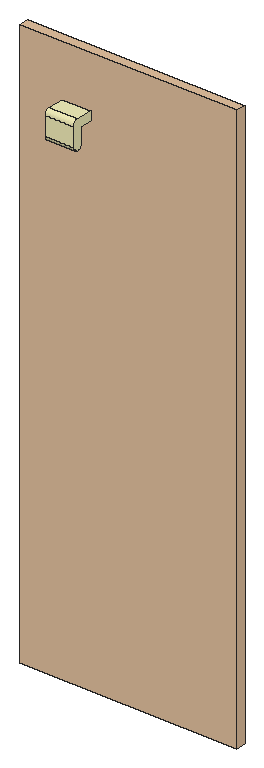
Revit family "Cabinet-Hardware_L-Shaped-Pull", category Casework, host Face, Revit 2026
Family settings
  Host = Face
  Classification Number = 23.40.35.11.11
  Cut with Voids When Loaded = No
  Shared = Yes
  Room Calculation Point = No
Parameters (values of type "Drawer-Pull")
  screw_location = Hole Spacing / 2  # 0' - 0"
  screw_offset = 0' - 0 1/2"
  Warranty Duration (Years) = 0
  Vertical Offset [instance] = 0' - 3"
  Type Comments = ""
  Test Data = ""
  Specification = "http://www.arcat.com/divs/sec/sec12300.shtml"
  Sales Information = ""
  Product Properties = "http://www.arcat.com/bim/bim_info.pl?fn=Cabinet-Hardware_L-Shaped-Pull"
  Product Data = "http://www.arcat.com/divs/sec/sec12300.shtml"
  Model = "Generic"  # constant formula
  Manufacturer Website = "http://www.arcat.com/"
  Manufacturer Phone - Toll Free = ""
  Manufacturer Phone = "(203) 929-9444"  # constant formula
  Manufacturer Fax = "(203) 929-2444"  # constant formula
  Manufacturer Email = "bim@arcat.com"  # constant formula
  Manufacturer Address = "1077 Bridgeport Ave, Shelton, CT  06484"  # constant formula
  Manufacturer = "Generic"  # constant formula
  Maintenance Schedule (Months) = 0
  Keynote = "12300"
  Installation-Fabrication = ""
  Installation Phase = ""
  Horizontal Offset [instance] = 0' - 3"
  Hole Spacing = if(Handle Width < 0' 2 1/2", 0' 0", (Handle Width - (screw_offset * 2)))  # 0' - 0"
  Hole Size = 0' - 0 3/16"
  Hardware Finish Accent = ARCAT - Metal - Bronze, Oil Rubbed
  Hardware Finish = ARCAT - Metal - Brass, Polished
  Handle Width = 0' - 1 1/2"
  Green Building-LEED = "http://www.arcat.com/green/green_building.shtml"
  Fastener Type = "#8 Phillips Pan Head Machine Screw - Length by door thickness"
  Fastener Material = ARCAT - Metal - Steel - ASTM A992
  Expected Lifespan (Years) = 0
  Drawn By = "Robert S. Weygant. CSI, CDT, SCIP"  # constant formula
  Door Slab Thickness = 0' - 0 1/2"
  Description = "Drawer / Door Pull -L-Shaped"
  Default Elevation = 4' - 0"
  Copyright = "2008, ARCAT, Inc"  # constant formula
  Construction Details = "http://www.arcat.com/divs/sec/sec12300.shtml"
  Building Codes = ""
  Assembly Code = "E2010200"
Types (3): name | screw_offset | Product Properties | Handle Width | Description
  (no name) | 0' - 0 1/2" | "http://www.arcat.com/bim/bim_info.pl?fn=Cabinet-Hardware_L-Shaped-Pull" | 0' - 1 1/2" | "Drawer / Door Pull -L-Shaped"
  Drawer-Pull | 0' - 0 1/2" | "http://www.arcat.com/bim/bim_info.pl?fn=Cabinet-Hardware_L-Shaped-Pull" | 0' - 1 1/2" | "Drawer / Door Pull -L-Shaped"
  Handle | 0' - 0" | "http://www.arcat.com/bim/bim_info.pl?fn=Cabinet-Hardware_Round-Pull" | 0' - 2" | "Drawer / Door Handle"
Reference planes (in)
  plane 1 "Center (Front/Back)": y = 0
  plane 2: z = 0
  plane 3 "Insertion Point V": x = -15.80762
  plane 4: y = 0.5
  plane 5 "Door Edge": x = -18.80762
  plane 6 "Insertion Point H": z = -3
  plane 7 "Door Top": z = 0
  plane 8: x = -12.80813
  plane 9: x = -18.80762
Forms (in)
  Extrusion 1, solid, material "ARCAT - Wood - Cherry"
    sketch origin (-3, -9, -6) x (0, 0, -1) y (1, 0, 0)
      loop
        line (24.25, -4.30683) -> (-6, -4.30683) -> (-6, -15.80762) -> (24.25, -15.80762) -> (24.25, -4.30683)
    from -9 to -9.5
  Extrusion 2, solid, material "ARCAT - Metal - Brass, Polished" <- "Hardware Finish"
    sketch origin (-17.80762, -0.625, -3.04217) x (0, 0, -1) y (1, 0, 0)
      loop
        line (-0.29217, 2.75) -> (-0.29217, 1.25) -> (1.20783, 1.25) -> (1.20783, 2.75) -> (-0.29217, 2.75)
    from 0 to 0.5
  Extrusion 3, solid, material "ARCAT - Metal - Brass, Polished" <- "Hardware Finish"
    sketch origin (-17.80762, 0, -2.54217) x (0, 0, -1) y (1, 0, 0)
      loop
        line (0.20783, 2.75) -> (0.20783, 1.25) -> (0.70783, 1.25) -> (0.70783, 2.75) -> (0.20783, 2.75)
    from 0 to 0.625
  Extrusion 4, solid, not visible
    sketch origin (-18.80762, -0.625, 14.95783) x (0, 0, -1) y (1, 0, 0)
      loop
        line (-1, 0.75) -> (-1, -0.75) -> (0.5, -0.75) -> (0.5, 0.75) -> (-1, 0.75)
    from 0 to 0.5
  Extrusion 5, solid, not visible
    sketch origin (-18.80762, 0, 15.45783) x (0, 0, -1) y (1, 0, 0)
      loop
        line (-0.5, 0.75) -> (-0.5, -0.75) -> (0, -0.75) -> (0, 0.75) -> (-0.5, 0.75)
    from 0 to 0.625
  Extrusion 6, void
    sketch origin (-15.80762, 0, 0) x (0, 1, 0) y (0, 0, 1)
      loop
        arc (-1.125, -3) -> (-1.05178, -2.82322) -> (-0.875, -2.75) r 0.25
        line (-0.875, -2.75) -> (-1.125, -2.75) -> (-1.125, -3)
    from -0.75 to 0.75
  Extrusion 7, void
    sketch origin (-15.80762, -3.875, -3.125) x (0, 0, 1) y (0, -1, 0)
      loop
        arc (-1.125, -3) -> (-1.05178, -2.82322) -> (-0.875, -2.75) r 0.25
        line (-0.875, -2.75) -> (-1.125, -2.75) -> (-1.125, -3)
    from -0.75 to 0.75
  Extrusion 8, void
    sketch origin (-15.80762, -1.75, -7) x (0, -1, 0) y (0, 0, -1)
      loop
        arc (-1.125, -3) -> (-1.05178, -2.82322) -> (-0.875, -2.75) r 0.25
        line (-0.875, -2.75) -> (-1.125, -2.75) -> (-1.125, -3)
    from -0.75 to 2
  Revolve 9, solid, material "ARCAT - Metal - Steel - ASTM A992" <- "Fastener Material"
    sketch origin (-15.80762, 0, 0) x (0, 1, 0) y (0, 0, 1)
      loop
        line (0.5, -2.93824) -> (0, -2.93824) -> (0, -3) -> (0.54496, -3)
        arc (0.54496, -3) -> (0.53259, -2.93456) -> (0.5, -2.87647) r 0.20623
        line (0.5, -2.87647) -> (0.5, -2.93824)
      axis (0.54496, -3) -> (0, -3)
    angle from 0 to 360
  Revolve 10, solid, material "ARCAT - Metal - Steel - ASTM A992" <- "Fastener Material"
    sketch origin (-15.80762, 0, 0) x (0, 1, 0) y (0, 0, 1)
      loop
        line (0.5, -2.93824) -> (0, -2.93824) -> (0, -3) -> (0.54496, -3)
        arc (0.54496, -3) -> (0.53259, -2.93456) -> (0.5, -2.87647) r 0.20623
        line (0.5, -2.87647) -> (0.5, -2.93824)
      axis (0.54496, -3) -> (0, -3)
    angle from 0 to 360
Cuts and joins
  Extrusion 6, Extrusion 7, Extrusion 8 cuts Extrusion 2
  Extrusion 6, Extrusion 7, Extrusion 8 cuts Extrusion 3
  joined: Extrusion 2, Extrusion 3
Lines and regions (in)
  model lines
    curve 1: line (-16.55762, 0, -4.25) -> (-16.43262, 0, -4.25)
Dimensions and locks (in)
  "Door Slab Thickness": plane 4 to plane 1 "Center (Front/Back)"
  "Horizontal Offset": plane 3 "Insertion Point V" to plane 5 "Door Edge"
  "Vertical Offset": level to plane 6 "Insertion Point H"
  equal spacing: Extrusion 2, plane 6 "Insertion Point H", Extrusion 3
  equal spacing: Extrusion 2, plane 3 "Insertion Point V", Extrusion 2
  equal spacing: Extrusion 3, plane 3 "Insertion Point V", Extrusion 3
  "Handle Width": Extrusion 2 to Extrusion 2
  "Hole Spacing": Revolve 9 to Revolve 10
  "screw_location": Revolve 9 to plane 3 "Insertion Point V"
  aligned and locked: Extrusion 1 to plane 1 "Center (Front/Back)"
  aligned and locked: Extrusion 1 to plane 5 "Door Edge"
  aligned and locked: level to plane 7 "Door Top"
  aligned and locked: Extrusion 3 to Extrusion 2
  aligned and locked: cut or joined group of Extrusion 2, Extrusion 3, Extrusion 6, Extrusion 7, Extrusion 8 to cut or joined group of Extrusion 2, Extrusion 3, Extrusion 6, Extrusion 7, Extrusion 8  (x4)
  aligned and locked: Extrusion 2 to Extrusion 7
Automatic sketch dimensions
  Extrusion 4 sketch curve to Extrusion 4 sketch curve = 0' - 1 1/2"  (x2)
  Extrusion 5 sketch curve to Extrusion 5 sketch curve = 0' - 0 1/2"
  Extrusion 5 sketch curve to Extrusion 5 sketch curve = 0' - 1 1/2"
  curve 1 to plane 3 "Insertion Point V" = 0' - 0 3/4"
  curve 1 to curve 1 = 0' - 0 1/8"
  curve 1 to plane 6 "Insertion Point H" = 0' - 1 1/4"
  plane 6 "Insertion Point H" to Extrusion 2 sketch curve = 0' - 0 1/4"
  Extrusion 2 sketch curve to plane 6 "Insertion Point H" = 0' - 1 1/4"
  plane 5 "Door Edge" to Extrusion 2 sketch curve = 0' - 2 1/4"
  plane 3 "Insertion Point V" to Extrusion 2 sketch curve = 0' - 0 3/4"
  plane 6 "Insertion Point H" to Extrusion 3 sketch curve = 0' - 0 1/4"
  Extrusion 3 sketch curve to plane 6 "Insertion Point H" = 0' - 0 1/4"
  plane 5 "Door Edge" to Extrusion 3 sketch curve = 0' - 2 1/4"
  plane 3 "Insertion Point V" to Extrusion 3 sketch curve = 0' - 0 3/4"
  Extrusion 6 sketch curve to plane 6 "Insertion Point H" = 0' - 0"
  plane 6 "Insertion Point H" to Extrusion 6 sketch curve = 0' - 0 1/4"
  plane 1 "Center (Front/Back)" to Extrusion 6 sketch curve = 0' - 1 1/8"
  Extrusion 7 sketch curve to plane 6 "Insertion Point H" = 0' - 1 1/4"
  Extrusion 7 sketch curve to Extrusion 7 sketch curve = 0' - 0 1/4"
  plane 1 "Center (Front/Back)" to Extrusion 7 sketch curve = 0' - 0 7/8"
  plane 1 "Center (Front/Back)" to Extrusion 8 sketch curve = 0' - 0 5/8"
  Extrusion 8 sketch curve to Extrusion 8 sketch curve = 0' - 0 1/4"
  Extrusion 8 sketch curve to plane 6 "Insertion Point H" = 0' - 1"
  Revolve 9 sketch curve to plane 1 "Center (Front/Back)" = 0' - 0"  (x2)
  Revolve 9 sketch curve to plane 4 = 0' - 0"
  Revolve 9 sketch curve to plane 6 "Insertion Point H" = 0' - 0"  (x2)
  Revolve 9 sketch curve to plane 6 "Insertion Point H" = 0' - 0.0051"
  Revolve 9 sketch curve to plane 4 = 0' - 0.16121"
  plane 4 to Revolve 9 sketch curve = 0' - 0.04496"
  Revolve 9 sketch curve to Revolve 9 sketch curve = 6' - 8.65518"
  Revolve 9 sketch curve to Revolve 9 sketch curve = 0' - 0.06176"
  Revolve 10 sketch curve to plane 1 "Center (Front/Back)" = 0' - 0"  (x2)
  Revolve 10 sketch curve to plane 4 = 0' - 0"
  Revolve 10 sketch curve to plane 6 "Insertion Point H" = 0' - 0"  (x2)
  Revolve 10 sketch curve to plane 6 "Insertion Point H" = 0' - 0.0051"
  Revolve 10 sketch curve to plane 4 = 0' - 0.16121"
  plane 4 to Revolve 10 sketch curve = 0' - 0.04496"
  Revolve 10 sketch curve to Revolve 10 sketch curve = 6' - 8.65518"
  Revolve 10 sketch curve to Revolve 10 sketch curve = 0' - 0.06176"
  Extrusion 1 sketch curve to Extrusion 1 sketch curve = 2' - 6 1/4"
  Extrusion 1 sketch curve to Extrusion 1 sketch curve = 0' - 11.50079"
